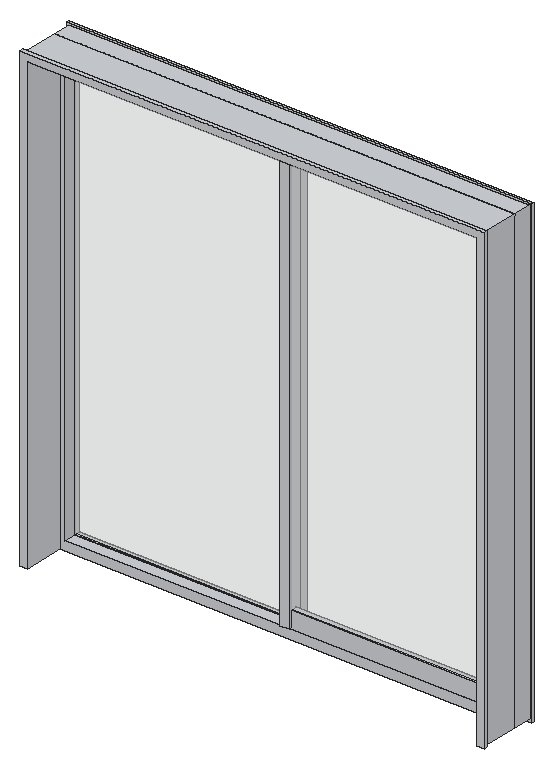
Revit family "APL Residential Thermal Heart Sliding Door SF", category Doors, host Wall, Revit 2017 (continued)
Definition of nested family "APL Residential Thermal Heart Sliding Door SF Vertical Section"
  Definition of nested family "Head Two Panel"
    Definition of nested family "65400_Frame Head"
      Lines and regions (mm)
        detail lines, in view "Ref. Level", not visible
          curve 640: line (107.514, -39.45, 0) -> (101.764, -39.45, 0)
          curve 641: line (107.514, -38.61, 0) -> (101.764, -38.61, 0)
          curve 642: line (107.514, -37.69, 0) -> (101.764, -37.69, 0)
          curve 643: line (107.514, -36.85, 0) -> (101.764, -36.85, 0)
          curve 644: line (106.053, -36.01, 0) -> (101.764, -36.01, 0)
          curve 645: line (107.514, -36.401, 0) -> (101.764, -34.861, 0)
          curve 646: line (107.764, -41.6, 0) -> (107.764, -34.7, 0)
          curve 647: line (107.514, -34.7, 0) -> (107.514, -41.6, 0)
          curve 648: line (107.514, -41.6, 0) -> (108.014, -41.6, 0)
          curve 649: line (108.014, -41.6, 0) -> (108.014, -34.7, 0)
          curve 650: line (108.014, -34.7, 0) -> (107.514, -34.7, 0)
      Text (mm)
        text "65400" at (41.516, 17.579, 0), in view "Ref. Level"
    Definition of nested family "65575_Threshold"
      Reference planes
        plane 1 "Center (Front/Back)": y = 0
        plane 2: z = 0
        plane 3 "Center (Left/Right)": x = 0
      Lines and regions (mm)
        detail lines, in view "Ref. Level"
          curve 1: arc (0.123, 1.385, 0) -> (0.034, 1.312, 0) -> (0, 1.2, 0) r 0.2
          curve 2: arc (0, 0.2, 0) -> (0.059, 0.059, 0) -> (0.2, 0, 0) r 0.2
          curve 3: arc (1.987, -0.473, 0) -> (2.044, -0.588, 0) -> (2.019, -0.715, 0) r 0.2
          curve 4: arc (1.788, -1.112, 0) -> (1.916, -1.591, 0) -> (2.394, -1.463, 0) r 0.35
          curve 5: arc (2.779, -0.797, 0) -> (2.842, -0.484, 0) -> (2.701, -0.197, 0) r 0.497
          curve 6: arc (2.033, 0.47, 0) -> (1.979, 0.65, 0) -> (2.098, 0.796, 0) r 0.2
          curve 7: arc (41.094, 16.949, 0) -> (41.282, 16.93, 0) -> (41.37, 16.764, 0) r 0.2
          curve 8: arc (41.37, 12.481, 0) -> (41.586, 11.578, 0) -> (42.188, 10.869, 0) r 2
          curve 9: arc (42.188, 10.869, 0) -> (43.515, 8.691, 0) -> (42.924, 6.21, 0) r 3.35
          curve 10: arc (42.924, 6.21, 0) -> (43.038, 5.512, 0) -> (43.736, 5.625, 0) r 0.5
          curve 11: arc (43.736, 5.625, 0) -> (44.503, 8.847, 0) -> (42.779, 11.675, 0) r 4.35
          curve 12: arc (42.779, 11.675, 0) -> (42.478, 12.03, 0) -> (42.37, 12.481, 0) r 1
          curve 13: arc (42.37, 18.585, 0) -> (42.282, 18.751, 0) -> (42.094, 18.77, 0) r 0.2
          curve 14: line (0, 1.2, 0) -> (0, 0.2, 0)
          curve 15: line (0.2, 0, 0) -> (1.431, 0, 0)
          curve 16: line (1.573, -0.059, 0) -> (1.987, -0.473, 0)
          curve 17: line (2.019, -0.715, 0) -> (1.788, -1.112, 0)
          curve 18: line (2.394, -1.463, 0) -> (2.779, -0.797, 0)
          curve 19: line (2.701, -0.197, 0) -> (2.033, 0.47, 0)
          curve 20: line (2.098, 0.796, 0) -> (41.094, 16.949, 0)
          curve 21: line (41.37, 16.764, 0) -> (41.37, 12.481, 0)
          curve 22: line (42.37, 12.481, 0) -> (42.37, 18.585, 0)
          curve 23: line (42.094, 18.77, 0) -> (0.123, 1.385, 0)
      Text (mm)
        text "65575" at (6.848, 22.344, 0), in view "Ref. Level"
  Definition of nested family "Sill Two Panel"
    Reference planes
      plane 1 "Center (Front/Back)": y = 0
      plane 2: z = 0
      plane 3 "Center (Left/Right)": x = 0
    Lines and regions (mm)
      detail lines, in view "Ref. Level"
        curve 1: arc (16.603, 58.8, 0) -> (17.381, 59.122, 0) -> (17.703, 59.9, 0) r 1.1
        curve 2: arc (0.803, 59.899, 0) -> (1.126, 59.122, 0) -> (1.903, 58.8, 0) r 1.1
        curve 3: arc (17.703, 76.7, 0) -> (17.381, 77.478, 0) -> (16.603, 77.8, 0) r 1.1
        curve 4: arc (1.903, 77.8, 0) -> (1.125, 77.477, 0) -> (0.803, 76.699, 0) r 1.1
        curve 5: arc (16.603, 58.799, 0) -> (17.382, 59.121, 0) -> (17.703, 59.9, 0) r 1.1
        curve 6: arc (17.703, 76.702, 0) -> (17.381, 77.479, 0) -> (16.603, 77.802, 0) r 1.1
        curve 7: arc (7.678, 82.796, 0) -> (6.666, 82.818, 0) -> (6.153, 81.945, 0) r 1
        curve 8: arc (6.153, 44.255, 0) -> (6.666, 43.382, 0) -> (7.678, 43.404, 0) r 1
        curve 9: arc (12.353, 81.945, 0) -> (11.841, 82.818, 0) -> (10.828, 82.796, 0) r 1
        curve 10: arc (10.828, 43.404, 0) -> (11.841, 43.382, 0) -> (12.353, 44.255, 0) r 1
        curve 11: arc (7.678, 82.796, 0) -> (9.253, 82.35, 0) -> (10.828, 82.796, 0) r 3
        curve 12: arc (10.828, 43.404, 0) -> (9.253, 43.851, 0) -> (7.678, 43.404, 0) r 3
        curve 13: arc (5.253, 51, 0) -> (5.546, 50.293, 0) -> (6.253, 50, 0) r 1
        curve 14: arc (12.253, 50, 0) -> (12.96, 50.293, 0) -> (13.253, 51, 0) r 1
        curve 15: arc (14.453, 84.69, 0) -> (13.952, 84.595, 0) -> (13.453, 84.49, 0) r 26
        curve 16: arc (5.053, 84.49, 0) -> (4.554, 84.595, 0) -> (4.053, 84.69, 0) r 26
        curve 17: arc (5.053, 85.031, 0) -> (4.554, 85.062, 0) -> (4.053, 85.085, 0) r 26
        curve 18: arc (14.453, 85.085, 0) -> (13.953, 85.062, 0) -> (13.453, 85.031, 0) r 26
        curve 19: line (7.616, 58.464, 0) -> (8.694, 57.549, 0)
        curve 20: arc (8.309, 62.255, 0) -> (6.888, 61.307, 0) -> (6.184, 59.751, 0) r 3.102
        curve 21: line (7.502, 59.859, 0) -> (8.417, 60.937, 0)
        curve 22: line (10.89, 60.137, 0) -> (9.812, 61.052, 0)
        curve 23: arc (10.198, 56.345, 0) -> (11.619, 57.293, 0) -> (12.323, 58.849, 0) r 3.102
        curve 24: line (11.005, 58.741, 0) -> (10.09, 57.663, 0)
        curve 25: circle (9.253, 59.3, 0) r 4.4 normal (0, 0, 1)
        curve 26: arc (9.596, 63.684, 0) -> (8.894, 63.683, 0) -> (8.201, 63.57, 0) r 4.397
        curve 27: arc (8.91, 54.916, 0) -> (9.612, 54.918, 0) -> (10.305, 55.031, 0) r 4.397
        curve 28: line (8.309, 62.255, 0) -> (8.201, 63.57, 0)
        curve 29: line (9.596, 63.684, 0) -> (9.704, 62.37, 0)
        curve 30: line (10.198, 56.345, 0) -> (10.305, 55.031, 0)
        curve 31: line (8.91, 54.916, 0) -> (8.802, 56.231, 0)
        curve 32: arc (2.903, 86.3, 0) -> (2.196, 86.007, 0) -> (1.903, 85.3, 0) r 1
        curve 33: arc (16.603, 85.3, 0) -> (16.31, 86.007, 0) -> (15.603, 86.3, 0) r 1
        curve 34: arc (15.603, 85, 0) -> (15.515, 85.212, 0) -> (15.303, 85.3, 0) r 0.3
        curve 35: arc (3.203, 85.3, 0) -> (2.991, 85.212, 0) -> (2.903, 85, 0) r 0.3
        curve 36: line (17.703, 59.9, 0) -> (17.703, 61.8, 0)
        curve 37: line (0.803, 61.8, 0) -> (0.803, 59.899, 0)
        curve 38: line (17.703, 74.8, 0) -> (17.703, 76.7, 0)
        curve 39: line (0.803, 76.699, 0) -> (0.803, 74.8, 0)
        curve 40: line (17.703, 59.9, 0) -> (17.703, 61.8, 0)
        curve 41: line (0.803, 76.699, 0) -> (0.803, 74.8, 0)
        curve 42: line (6.153, 44.255, 0) -> (6.153, 51.1, 0)
        curve 43: line (6.153, 81.6, 0) -> (6.153, 81.945, 0)
        curve 44: line (12.353, 81.6, 0) -> (12.353, 81.945, 0)
        curve 45: line (12.353, 44.255, 0) -> (12.353, 51.1, 0)
        curve 46: line (0.803, 66.09, 0) -> (0.503, 66.09, 0)
        curve 47: line (0.503, 66.09, 0) -> (0.503, 60.11, 0)
        curve 48: line (0.503, 60.11, 0) -> (0.803, 60.11, 0)
        curve 49: line (3.003, 51.3, 0) -> (3.003, 51.1, 0)
        curve 50: line (3.003, 51.1, 0) -> (3.503, 51.1, 0)
        curve 51: line (3.503, 51.1, 0) -> (15.003, 51.1, 0)
        curve 52: line (15.003, 51.1, 0) -> (15.503, 51.1, 0)
        curve 53: line (15.503, 51.1, 0) -> (15.503, 51.3, 0)
        curve 54: line (15.503, 75.8, 0) -> (15.503, 81.6, 0)
        curve 55: line (15.503, 81.6, 0) -> (15.003, 81.6, 0)
        curve 56: line (15.003, 81.6, 0) -> (15.003, 75.8, 0)
        curve 57: line (3.003, 75.8, 0) -> (3.003, 81.6, 0)
        curve 58: line (15.003, 81.6, 0) -> (3.503, 81.6, 0)
        curve 59: line (3.503, 81.6, 0) -> (3.003, 81.6, 0)
        curve 60: line (3.003, 81.6, 0) -> (3.003, 85.1, 0)
        curve 61: line (3.003, 85.1, 0) -> (4.003, 85.1, 0)
        curve 62: line (4.003, 85.1, 0) -> (4.003, 81.6, 0)
        curve 63: line (14.503, 81.6, 0) -> (14.503, 85.1, 0)
        curve 64: line (14.503, 85.1, 0) -> (15.503, 85.1, 0)
        curve 65: line (15.503, 85.1, 0) -> (15.503, 81.6, 0)
        curve 66: line (14.453, 84.69, 0) -> (14.453, 81.6, 0)
        curve 67: line (4.053, 84.69, 0) -> (4.053, 81.6, 0)
        curve 68: line (5.053, 81.6, 0) -> (5.053, 84.49, 0)
        curve 69: line (5.053, 84.49, 0) -> (5.053, 85.031, 0)
        curve 70: line (13.453, 81.6, 0) -> (13.453, 84.49, 0)
        curve 71: line (13.453, 84.49, 0) -> (13.453, 85.031, 0)
        curve 72: line (4.053, 84.69, 0) -> (4.053, 84.938, 0)
        curve 73: line (14.453, 84.69, 0) -> (14.453, 84.938, 0)
        curve 74: line (8.802, 56.231, 0) -> (8.694, 57.549, 0)
        curve 75: line (8.417, 60.937, 0) -> (8.309, 62.255, 0)
        curve 76: line (9.704, 62.37, 0) -> (9.812, 61.052, 0)
        curve 77: line (10.09, 57.663, 0) -> (10.198, 56.345, 0)
        curve 78: line (1.903, 80.3, 0) -> (1.903, 85.3, 0)
        curve 79: line (2.903, 86.3, 0) -> (15.603, 86.3, 0)
        curve 80: line (16.603, 85.3, 0) -> (16.603, 80.3, 0)
        curve 81: line (16.603, 80.3, 0) -> (15.603, 80.3, 0)
        curve 82: line (15.603, 80.3, 0) -> (15.603, 85, 0)
        curve 83: line (15.303, 85.3, 0) -> (3.203, 85.3, 0)
        curve 84: line (2.903, 85, 0) -> (2.903, 80.3, 0)
        curve 85: line (2.903, 80.3, 0) -> (1.903, 80.3, 0)
        curve 86: line (1.903, 80.3, 0) -> (1.903, 78.3, 0)
        curve 87: line (1.903, 78.3, 0) -> (1.903, 75.8, 0)
        curve 88: line (15.603, 80.3, 0) -> (15.603, 78.3, 0)
        curve 89: line (15.603, 78.3, 0) -> (16.603, 78.3, 0)
        curve 90: line (16.603, 78.3, 0) -> (16.603, 80.3, 0)
        curve 91: line (2.903, 80.3, 0) -> (2.903, 78.3, 0)
        curve 92: line (2.903, 78.3, 0) -> (1.903, 78.3, 0)
        curve 93: line (2.003, 51.3, 0) -> (16.603, 51.3, 0)
        curve 94: line (16.603, 51.3, 0) -> (16.603, 75.8, 0)
        curve 95: line (16.603, 75.8, 0) -> (2.003, 75.8, 0)
        curve 96: line (2.003, 75.8, 0) -> (2.003, 51.3, 0)
        curve 97: line (1.903, 51.3, 0) -> (1.903, 75.8, 0)
        curve 98: line (2.903, 78.3, 0) -> (2.903, 75.8, 0)
        curve 99: line (16.603, 78.3, 0) -> (16.603, 75.8, 0)
        curve 100: line (15.603, 78.3, 0) -> (15.603, 75.8, 0)
        curve 101: line (16.603, 74.8, 0) -> (17.703, 74.8, 0)
        curve 102: line (17.703, 74.8, 0) -> (17.703, 61.8, 0)
        curve 103: line (17.703, 61.8, 0) -> (16.603, 61.8, 0)
        curve 104: line (1.903, 61.8, 0) -> (0.803, 61.8, 0)
        curve 105: line (0.803, 61.8, 0) -> (0.803, 74.8, 0)
        curve 106: line (0.803, 74.8, 0) -> (1.903, 74.8, 0)
        curve 107: line (15.003, 51.3, 0) -> (15.003, 51.1, 0)
        curve 108: line (3.503, 51.1, 0) -> (3.503, 51.3, 0)
        curve 109: line (3.503, 75.8, 0) -> (3.503, 81.6, 0)
        curve 110: line (7.678, 43.404, 0) -> (7.678, 51.1, 0)
        curve 111: line (7.678, 81.6, 0) -> (7.678, 82.796, 0)
        curve 112: line (10.828, 82.796, 0) -> (10.828, 81.6, 0)
        curve 113: line (10.828, 51.1, 0) -> (10.828, 43.404, 0)
        curve 114: line (12.208, 60.245, 0) -> (13.526, 60.353, 0)
        curve 115: line (13.64, 58.957, 0) -> (12.323, 58.849, 0)
        curve 116: line (6.298, 58.356, 0) -> (4.981, 58.248, 0)
        curve 117: line (4.867, 59.643, 0) -> (6.184, 59.751, 0)
        curve 118: line (6.184, 59.751, 0) -> (7.502, 59.859, 0)
        curve 119: line (10.89, 60.137, 0) -> (12.208, 60.245, 0)
        curve 120: line (12.323, 58.849, 0) -> (11.005, 58.741, 0)
        curve 121: line (7.616, 58.464, 0) -> (6.298, 58.356, 0)
        curve 122: arc (6.298, 58.356, 0) -> (7.246, 56.935, 0) -> (8.802, 56.231, 0) r 3.102
        curve 123: arc (12.208, 60.245, 0) -> (11.261, 61.666, 0) -> (9.704, 62.37, 0) r 3.102
      detail lines, in view "Ref. Level", not visible
        curve 124: arc (16.603, 57.797, 0) -> (17.381, 58.12, 0) -> (17.703, 58.897, 0) r 1.1
        curve 125: arc (0.803, 58.896, 0) -> (1.126, 58.119, 0) -> (1.903, 57.797, 0) r 1.1
        curve 126: arc (17.703, 75.697, 0) -> (17.381, 76.475, 0) -> (16.603, 76.797, 0) r 1.1
        curve 127: arc (1.903, 76.797, 0) -> (1.125, 76.475, 0) -> (0.803, 75.696, 0) r 1.1
        curve 128: arc (16.603, 57.796, 0) -> (17.382, 58.119, 0) -> (17.703, 58.897, 0) r 1.1
        curve 129: arc (17.703, 75.699, 0) -> (17.381, 76.477, 0) -> (16.603, 76.799, 0) r 1.1
        curve 130: arc (7.678, 81.793, 0) -> (6.666, 81.816, 0) -> (6.153, 80.942, 0) r 1
        curve 131: arc (6.153, 43.252, 0) -> (6.666, 42.379, 0) -> (7.678, 42.401, 0) r 1
        curve 132: arc (12.353, 80.942, 0) -> (11.841, 81.816, 0) -> (10.828, 81.793, 0) r 1
        curve 133: arc (10.828, 42.401, 0) -> (11.841, 42.379, 0) -> (12.353, 43.252, 0) r 1
        curve 134: arc (7.678, 81.793, 0) -> (9.253, 81.347, 0) -> (10.828, 81.793, 0) r 3
        curve 135: arc (10.828, 42.401, 0) -> (9.253, 42.848, 0) -> (7.678, 42.401, 0) r 3
        curve 136: arc (5.253, 49.997, 0) -> (5.546, 49.29, 0) -> (6.253, 48.997, 0) r 1
        curve 137: arc (12.253, 48.997, 0) -> (12.96, 49.29, 0) -> (13.253, 49.997, 0) r 1
        curve 138: arc (14.453, 83.687, 0) -> (13.952, 83.592, 0) -> (13.453, 83.487, 0) r 26
        curve 139: arc (5.053, 83.487, 0) -> (4.554, 83.592, 0) -> (4.053, 83.687, 0) r 26
        curve 140: arc (5.053, 84.028, 0) -> (4.554, 84.06, 0) -> (4.053, 84.082, 0) r 26
        curve 141: arc (14.453, 84.082, 0) -> (13.953, 84.06, 0) -> (13.453, 84.028, 0) r 26
        curve 142: line (7.616, 57.461, 0) -> (8.694, 56.546, 0)
        curve 143: arc (8.309, 61.253, 0) -> (6.888, 60.305, 0) -> (6.184, 58.748, 0) r 3.102
        curve 144: line (7.502, 58.856, 0) -> (8.417, 59.935, 0)
        curve 145: line (10.89, 59.134, 0) -> (9.812, 60.049, 0)
        curve 146: arc (10.198, 55.342, 0) -> (11.619, 56.29, 0) -> (12.323, 57.847, 0) r 3.102
        curve 147: line (11.005, 57.739, 0) -> (10.09, 56.66, 0)
        curve 148: circle (9.253, 58.297, 0) r 4.4 normal (0, 0, 1)
        curve 149: arc (9.596, 62.681, 0) -> (8.894, 62.68, 0) -> (8.201, 62.567, 0) r 4.397
        curve 150: arc (8.91, 53.914, 0) -> (9.612, 53.915, 0) -> (10.305, 54.028, 0) r 4.397
        curve 151: line (8.309, 61.253, 0) -> (8.201, 62.567, 0)
        curve 152: line (9.596, 62.681, 0) -> (9.704, 61.367, 0)
        curve 153: line (10.198, 55.342, 0) -> (10.305, 54.028, 0)
        curve 154: line (8.91, 53.914, 0) -> (8.802, 55.228, 0)
        curve 155: arc (2.903, 85.297, 0) -> (2.196, 85.004, 0) -> (1.903, 84.297, 0) r 1
        curve 156: arc (16.603, 84.297, 0) -> (16.31, 85.004, 0) -> (15.603, 85.297, 0) r 1
        curve 157: arc (15.603, 83.997, 0) -> (15.515, 84.209, 0) -> (15.303, 84.297, 0) r 0.3
        curve 158: arc (3.203, 84.297, 0) -> (2.991, 84.209, 0) -> (2.903, 83.997, 0) r 0.3
        curve 159: line (17.703, 58.897, 0) -> (17.703, 60.797, 0)
        curve 160: line (0.803, 60.797, 0) -> (0.803, 58.896, 0)
        curve 161: line (17.703, 73.797, 0) -> (17.703, 75.697, 0)
        curve 162: line (0.803, 75.696, 0) -> (0.803, 73.797, 0)
        curve 163: line (17.703, 58.897, 0) -> (17.703, 60.797, 0)
        curve 164: line (0.803, 75.696, 0) -> (0.803, 73.797, 0)
        curve 165: line (6.153, 43.252, 0) -> (6.153, 50.097, 0)
        curve 166: line (6.153, 80.597, 0) -> (6.153, 80.942, 0)
        curve 167: line (12.353, 80.597, 0) -> (12.353, 80.942, 0)
        curve 168: line (12.353, 43.252, 0) -> (12.353, 50.097, 0)
        curve 169: line (0.803, 65.087, 0) -> (0.503, 65.087, 0)
        curve 170: line (0.503, 65.087, 0) -> (0.503, 59.107, 0)
        curve 171: line (0.503, 59.107, 0) -> (0.803, 59.107, 0)
        curve 172: line (3.003, 50.297, 0) -> (3.003, 50.097, 0)
        curve 173: line (3.003, 50.097, 0) -> (3.503, 50.097, 0)
        curve 174: line (3.503, 50.097, 0) -> (15.003, 50.097, 0)
        curve 175: line (15.003, 50.097, 0) -> (15.503, 50.097, 0)
        curve 176: line (15.503, 50.097, 0) -> (15.503, 50.297, 0)
        curve 177: line (15.503, 74.797, 0) -> (15.503, 80.597, 0)
        curve 178: line (15.503, 80.597, 0) -> (15.003, 80.597, 0)
        curve 179: line (15.003, 80.597, 0) -> (15.003, 74.797, 0)
        curve 180: line (3.003, 74.797, 0) -> (3.003, 80.597, 0)
        curve 181: line (15.003, 80.597, 0) -> (3.503, 80.597, 0)
        curve 182: line (3.503, 80.597, 0) -> (3.003, 80.597, 0)
        curve 183: line (3.003, 80.597, 0) -> (3.003, 84.097, 0)
        curve 184: line (3.003, 84.097, 0) -> (4.003, 84.097, 0)
        curve 185: line (4.003, 84.097, 0) -> (4.003, 80.597, 0)
        curve 186: line (14.503, 80.597, 0) -> (14.503, 84.097, 0)
        curve 187: line (14.503, 84.097, 0) -> (15.503, 84.097, 0)
        curve 188: line (15.503, 84.097, 0) -> (15.503, 80.597, 0)
        curve 189: line (14.453, 83.687, 0) -> (14.453, 80.597, 0)
        curve 190: line (4.053, 83.687, 0) -> (4.053, 80.597, 0)
        curve 191: line (5.053, 80.597, 0) -> (5.053, 83.487, 0)
        curve 192: line (5.053, 83.487, 0) -> (5.053, 84.028, 0)
        curve 193: line (13.453, 80.597, 0) -> (13.453, 83.487, 0)
        curve 194: line (13.453, 83.487, 0) -> (13.453, 84.028, 0)
        curve 195: line (4.053, 83.687, 0) -> (4.053, 83.935, 0)
        curve 196: line (14.453, 83.687, 0) -> (14.453, 83.935, 0)
        curve 197: line (8.802, 55.228, 0) -> (8.694, 56.546, 0)
        curve 198: line (8.417, 59.935, 0) -> (8.309, 61.253, 0)
        curve 199: line (9.704, 61.367, 0) -> (9.812, 60.049, 0)
        curve 200: line (10.09, 56.66, 0) -> (10.198, 55.342, 0)
        curve 201: line (1.903, 79.297, 0) -> (1.903, 84.297, 0)
        curve 202: line (2.903, 85.297, 0) -> (15.603, 85.297, 0)
        curve 203: line (16.603, 84.297, 0) -> (16.603, 79.297, 0)
        curve 204: line (16.603, 79.297, 0) -> (15.603, 79.297, 0)
        curve 205: line (15.603, 79.297, 0) -> (15.603, 83.997, 0)
        curve 206: line (15.303, 84.297, 0) -> (3.203, 84.297, 0)
        curve 207: line (2.903, 83.997, 0) -> (2.903, 79.297, 0)
        curve 208: line (2.903, 79.297, 0) -> (1.903, 79.297, 0)
        curve 209: line (1.903, 79.297, 0) -> (1.903, 77.297, 0)
        curve 210: line (1.903, 77.297, 0) -> (1.903, 74.797, 0)
        curve 211: line (15.603, 79.297, 0) -> (15.603, 77.297, 0)
        curve 212: line (15.603, 77.297, 0) -> (16.603, 77.297, 0)
        curve 213: line (16.603, 77.297, 0) -> (16.603, 79.297, 0)
        curve 214: line (2.903, 79.297, 0) -> (2.903, 77.297, 0)
        curve 215: line (2.903, 77.297, 0) -> (1.903, 77.297, 0)
        curve 216: line (2.003, 50.297, 0) -> (16.603, 50.297, 0)
        curve 217: line (16.603, 50.297, 0) -> (16.603, 74.797, 0)
        curve 218: line (16.603, 74.797, 0) -> (2.003, 74.797, 0)
        curve 219: line (2.003, 74.797, 0) -> (2.003, 50.297, 0)
        curve 220: line (1.903, 50.297, 0) -> (1.903, 74.797, 0)
        curve 221: line (2.903, 77.297, 0) -> (2.903, 74.797, 0)
        curve 222: line (16.603, 77.297, 0) -> (16.603, 74.797, 0)
        curve 223: line (15.603, 77.297, 0) -> (15.603, 74.797, 0)
        curve 224: line (16.603, 73.797, 0) -> (17.703, 73.797, 0)
        curve 225: line (17.703, 73.797, 0) -> (17.703, 60.797, 0)
        curve 226: line (17.703, 60.797, 0) -> (16.603, 60.797, 0)
        curve 227: line (1.903, 60.797, 0) -> (0.803, 60.797, 0)
        curve 228: line (0.803, 60.797, 0) -> (0.803, 73.797, 0)
        curve 229: line (0.803, 73.797, 0) -> (1.903, 73.797, 0)
        curve 230: line (15.003, 50.297, 0) -> (15.003, 50.097, 0)
        curve 231: line (3.503, 50.097, 0) -> (3.503, 50.297, 0)
        curve 232: line (3.503, 74.797, 0) -> (3.503, 80.597, 0)
        curve 233: line (7.678, 42.401, 0) -> (7.678, 50.097, 0)
        curve 234: line (7.678, 80.597, 0) -> (7.678, 81.793, 0)
        curve 235: line (10.828, 81.793, 0) -> (10.828, 80.597, 0)
        curve 236: line (10.828, 50.097, 0) -> (10.828, 42.401, 0)
        curve 237: line (12.208, 59.242, 0) -> (13.526, 59.35, 0)
        curve 238: line (13.64, 57.954, 0) -> (12.323, 57.847, 0)
        curve 239: line (6.298, 57.353, 0) -> (4.981, 57.245, 0)
        curve 240: line (4.867, 58.64, 0) -> (6.184, 58.748, 0)
        curve 241: line (6.184, 58.748, 0) -> (7.502, 58.856, 0)
        curve 242: line (10.89, 59.134, 0) -> (12.208, 59.242, 0)
        curve 243: line (12.323, 57.847, 0) -> (11.005, 57.739, 0)
        curve 244: line (7.616, 57.461, 0) -> (6.298, 57.353, 0)
        curve 245: arc (6.298, 57.353, 0) -> (7.246, 55.932, 0) -> (8.802, 55.228, 0) r 3.102
        curve 246: arc (12.208, 59.242, 0) -> (11.261, 60.663, 0) -> (9.704, 61.367, 0) r 3.102
    Dimensions and locks
      nested 1 to nested 3 = 17.8 mm
      nested 3 to nested 4 = 7 mm
    Nested families
      nested 1: "65596_Track" at (9.171, 14.2, 0), type "65596_Track", in view "Ref. Level"
      nested 2: "65575_Threshold" at (-87.029, 24, 0), type "65575_Threshold", in view "Ref. Level"
      nested 3: "65470_Door Sill Rail" at (-13.029, 33.8, 0), type "65470_Door Sill Rail", in view "Ref. Level"
      nested 4: "65380_Frame Sill" at (-87.029, 0, 0), type "65380_Frame Sill", in view "Ref. Level"
    Definition of nested family "65596_Track"
      Reference planes
        plane 1 "Center (Front/Back)": y = 0
        plane 2: z = 0
        plane 3 "Center (Left/Right)": x = 0
      Lines and regions (mm)
        detail lines, in view "Ref. Level"
          curve 1: arc (-1.2, 1.8, 0) -> (-1.059, 1.859, 0) -> (-1, 2, 0) r 0.2
          curve 2: arc (-1, 22.438, 0) -> (-1.623, 23.888, 0) -> (-3.105, 24.435, 0) r 2
          curve 3: arc (-17.186, 23.697, 0) -> (-17.523, 23.542, 0) -> (-17.66, 23.198, 0) r 0.5
          curve 4: arc (-17.66, 18.846, 0) -> (-18.14, 16.435, 0) -> (-19.505, 14.392, 0) r 6.3
          curve 5: arc (-21.85, 12.046, 0) -> (-22.77, 12.046, 0) -> (-22.77, 12.966, 0) r 0.65
          curve 6: arc (-20.424, 15.311, 0) -> (-19.341, 16.933, 0) -> (-18.96, 18.846, 0) r 5
          curve 7: arc (-18.96, 24.932, 0) -> (-18.823, 25.276, 0) -> (-18.486, 25.431, 0) r 0.5
          curve 8: arc (-2.589, 26.264, 0) -> (-2.456, 26.325, 0) -> (-2.399, 26.459, 0) r 0.2
          curve 9: arc (-2.399, 26.459, 0) -> (0, 28.8, 0) -> (2.399, 26.459, 0) r 2.4
          curve 10: arc (2.399, 26.459, 0) -> (2.456, 26.325, 0) -> (2.589, 26.264, 0) r 0.2
          curve 11: arc (6.566, 26.056, 0) -> (6.903, 25.901, 0) -> (7.04, 25.557, 0) r 0.5
          curve 12: arc (7.04, 18.846, 0) -> (7.421, 16.933, 0) -> (8.504, 15.311, 0) r 5
          curve 13: arc (10.85, 12.966, 0) -> (10.85, 12.046, 0) -> (9.93, 12.046, 0) r 0.65
          curve 14: arc (7.585, 14.392, 0) -> (6.22, 16.435, 0) -> (5.74, 18.846, 0) r 6.3
          curve 15: arc (5.74, 23.822, 0) -> (5.603, 24.166, 0) -> (5.266, 24.322, 0) r 0.5
          curve 16: arc (3.105, 24.435, 0) -> (1.623, 23.888, 0) -> (1, 22.438, 0) r 2
          curve 17: arc (1, 2, 0) -> (1.059, 1.859, 0) -> (1.2, 1.8, 0) r 0.2
          curve 18: arc (10.59, 0, 0) -> (10.449, 0.059, 0) -> (10.39, 0.2, 0) r 0.2
          curve 19: arc (10.39, 1.6, 0) -> (10.331, 1.741, 0) -> (10.19, 1.8, 0) r 0.2
          curve 20: arc (-8.81, 1.8, 0) -> (-8.951, 1.741, 0) -> (-9.01, 1.6, 0) r 0.2
          curve 21: arc (-9.01, -1.3, 0) -> (-8.951, -1.441, 0) -> (-8.81, -1.5, 0) r 0.2
          curve 22: arc (-7.41, -1.5, 0) -> (-7.269, -1.441, 0) -> (-7.21, -1.3, 0) r 0.2
          curve 23: arc (-7.21, -0.2, 0) -> (-7.151, -0.059, 0) -> (-7.01, 0, 0) r 0.2
          curve 24: arc (8.715, 0, 0) -> (9.001, -0.089, 0) -> (9.185, -0.325, 0) r 0.5
          curve 25: arc (9.185, -0.325, 0) -> (9.735, -1.032, 0) -> (10.59, -1.3, 0) r 1.5
          curve 26: arc (11.89, -1.3, 0) -> (12.597, -1.007, 0) -> (12.89, -0.3, 0) r 1
          curve 27: arc (12.89, -0.2, 0) -> (12.831, -0.059, 0) -> (12.69, 0, 0) r 0.2
          curve 28: line (1, 6.8, 0) -> (-1, 6.8, 0)
          curve 29: line (-1, 2, 0) -> (-1, 22.438, 0)
          curve 30: line (-3.105, 24.435, 0) -> (-17.186, 23.697, 0)
          curve 31: line (-17.66, 23.198, 0) -> (-17.66, 18.846, 0)
          curve 32: line (-19.505, 14.392, 0) -> (-21.85, 12.046, 0)
          curve 33: line (-22.77, 12.966, 0) -> (-20.424, 15.311, 0)
          curve 34: line (-18.96, 18.846, 0) -> (-18.96, 24.932, 0)
          curve 35: line (-18.486, 25.431, 0) -> (-2.589, 26.264, 0)
          curve 36: line (2.589, 26.264, 0) -> (6.566, 26.056, 0)
          curve 37: line (7.04, 25.557, 0) -> (7.04, 18.846, 0)
          curve 38: line (8.504, 15.311, 0) -> (10.85, 12.966, 0)
          curve 39: line (9.93, 12.046, 0) -> (7.585, 14.392, 0)
          curve 40: line (5.74, 18.846, 0) -> (5.74, 23.822, 0)
          curve 41: line (5.266, 24.322, 0) -> (3.105, 24.435, 0)
          curve 42: line (1, 22.438, 0) -> (1, 2, 0)
          curve 43: line (10.39, 0.2, 0) -> (10.39, 1.6, 0)
          curve 44: line (10.19, 1.8, 0) -> (-8.81, 1.8, 0)
          curve 45: line (-9.01, 1.6, 0) -> (-9.01, -1.3, 0)
          curve 46: line (-8.81, -1.5, 0) -> (-7.41, -1.5, 0)
          curve 47: line (-7.21, -1.3, 0) -> (-7.21, -0.2, 0)
          curve 48: line (-7.01, 0, 0) -> (8.715, 0, 0)
          curve 49: line (10.59, -1.3, 0) -> (11.89, -1.3, 0)
          curve 50: line (12.69, 0, 0) -> (10.59, 0, 0)
      Text (mm)
        text "65596" at (20.379, 15.04, 0), in view "Ref. Level"
    Definition of nested family "65575_Threshold"
      Reference planes
        plane 1 "Center (Front/Back)": y = 0
        plane 2: z = 0
        plane 3 "Center (Left/Right)": x = 0
      Lines and regions (mm)
        detail lines, in view "Ref. Level"
          curve 1: arc (0.123, 1.385, 0) -> (0.034, 1.312, 0) -> (0, 1.2, 0) r 0.2
          curve 2: arc (0, 0.2, 0) -> (0.059, 0.059, 0) -> (0.2, 0, 0) r 0.2
          curve 3: arc (1.987, -0.473, 0) -> (2.044, -0.588, 0) -> (2.019, -0.715, 0) r 0.2
          curve 4: arc (1.788, -1.112, 0) -> (1.916, -1.591, 0) -> (2.394, -1.463, 0) r 0.35
          curve 5: arc (2.779, -0.797, 0) -> (2.842, -0.484, 0) -> (2.701, -0.197, 0) r 0.497
          curve 6: arc (2.033, 0.47, 0) -> (1.979, 0.65, 0) -> (2.098, 0.796, 0) r 0.2
          curve 7: arc (41.094, 16.949, 0) -> (41.282, 16.93, 0) -> (41.37, 16.764, 0) r 0.2
          curve 8: arc (41.37, 12.481, 0) -> (41.586, 11.578, 0) -> (42.188, 10.869, 0) r 2
          curve 9: arc (42.188, 10.869, 0) -> (43.515, 8.691, 0) -> (42.924, 6.21, 0) r 3.35
          curve 10: arc (42.924, 6.21, 0) -> (43.038, 5.512, 0) -> (43.736, 5.625, 0) r 0.5
          curve 11: arc (43.736, 5.625, 0) -> (44.503, 8.847, 0) -> (42.779, 11.675, 0) r 4.35
          curve 12: arc (42.779, 11.675, 0) -> (42.478, 12.03, 0) -> (42.37, 12.481, 0) r 1
          curve 13: arc (42.37, 18.585, 0) -> (42.282, 18.751, 0) -> (42.094, 18.77, 0) r 0.2
          curve 14: line (0, 1.2, 0) -> (0, 0.2, 0)
          curve 15: line (0.2, 0, 0) -> (1.431, 0, 0)
          curve 16: line (1.573, -0.059, 0) -> (1.987, -0.473, 0)
          curve 17: line (2.019, -0.715, 0) -> (1.788, -1.112, 0)
          curve 18: line (2.394, -1.463, 0) -> (2.779, -0.797, 0)
          curve 19: line (2.701, -0.197, 0) -> (2.033, 0.47, 0)
          curve 20: line (2.098, 0.796, 0) -> (41.094, 16.949, 0)
          curve 21: line (41.37, 16.764, 0) -> (41.37, 12.481, 0)
          curve 22: line (42.37, 12.481, 0) -> (42.37, 18.585, 0)
          curve 23: line (42.094, 18.77, 0) -> (0.123, 1.385, 0)
      Text (mm)
        text "65575" at (6.848, 22.344, 0), in view "Ref. Level"
    Definition of nested family "65470_Door Sill Rail"
      Reference planes
        plane 1 "Center (Front/Back)": y = 0
        plane 2: z = 0
        plane 3 "Center (Left/Right)": x = 0
      Lines and regions (mm)
        detail lines, in view "Ref. Level"
          curve 1: arc (2.879, 58.956, 0) -> (2.804, 58.989, 0) -> (2.723, 59, 0) r 0.3
          curve 2: arc (2.202, 59, 0) -> (2.044, 58.922, 0) -> (2.008, 58.75, 0) r 0.2
          curve 3: arc (2.202, 54.747, 0) -> (2.176, 54.625, 0) -> (2.102, 54.524, 0) r 0.3
          curve 4: arc (2.102, 54.524, 0) -> (2.022, 54.193, 0) -> (2.302, 54, 0) r 0.3
          curve 5: arc (4.523, 54.543, 0) -> (4.612, 54.595, 0) -> (4.664, 54.684, 0) r 0.2
          curve 6: arc (4.709, 54.852, 0) -> (4.85, 54.993, 0) -> (5.043, 54.941, 0) r 0.2
          curve 7: arc (5.407, 54.578, 0) -> (5.467, 54.492, 0) -> (5.494, 54.392, 0) r 0.3
          curve 8: arc (5.701, 52.026, 0) -> (5.585, 51.762, 0) -> (5.299, 51.718, 0) r 0.3
          curve 9: arc (3.889, 52.231, 0) -> (3.763, 52.319, 0) -> (3.697, 52.457, 0) r 0.3
          curve 10: arc (3.697, 52.457, 0) -> (3.424, 52.699, 0) -> (3.119, 52.5, 0) r 0.3
          curve 11: arc (2.3, 52.5, 0) -> (1.946, 52.353, 0) -> (1.8, 52, 0) r 0.5
          curve 12: arc (1.8, 46.697, 0) -> (1.86, 46.557, 0) -> (2, 46.5, 0) r 0.2
          curve 13: arc (3, 46.5, 0) -> (3.141, 46.441, 0) -> (3.2, 46.3, 0) r 0.2
          curve 14: arc (3.2, 45.2, 0) -> (3.141, 45.058, 0) -> (3, 45, 0) r 0.2
          curve 15: arc (2, 45, 0) -> (1.86, 44.942, 0) -> (1.8, 44.803, 0) r 0.2
          curve 16: arc (1.8, 30.197, 0) -> (1.86, 30.057, 0) -> (2, 30, 0) r 0.2
          curve 17: arc (3, 30, 0) -> (3.141, 29.941, 0) -> (3.2, 29.8, 0) r 0.2
          curve 18: arc (3.2, 28.7, 0) -> (3.141, 28.558, 0) -> (3, 28.5, 0) r 0.2
          curve 19: arc (2, 28.5, 0) -> (1.86, 28.442, 0) -> (1.8, 28.303, 0) r 0.2
          curve 20: arc (1.8, 0.2, 0) -> (1.741, 0.059, 0) -> (1.6, 0, 0) r 0.2
          curve 21: arc (0.5, 0, 0) -> (0.146, 0.146, 0) -> (0, 0.5, 0) r 0.5
          curve 22: arc (0, 99.8, 0) -> (0.059, 99.942, 0) -> (0.2, 100, 0) r 0.2
          curve 23: arc (3.002, 100, 0) -> (3.143, 99.942, 0) -> (3.202, 99.8, 0) r 0.2
          curve 24: arc (3.202, 98.37, 0) -> (3.143, 98.229, 0) -> (3.002, 98.17, 0) r 0.2
          curve 25: arc (2.402, 98.17, 0) -> (2.261, 98.229, 0) -> (2.202, 98.37, 0) r 0.2
          curve 26: arc (2.202, 98.72, 0) -> (2.143, 98.862, 0) -> (2.002, 98.92, 0) r 0.2
          curve 27: arc (1.402, 98.92, 0) -> (1.261, 98.862, 0) -> (1.202, 98.72, 0) r 0.2
          curve 28: arc (1.202, 95.62, 0) -> (1.261, 95.479, 0) -> (1.402, 95.42, 0) r 0.2
          curve 29: arc (2.002, 95.42, 0) -> (2.143, 95.479, 0) -> (2.202, 95.62, 0) r 0.2
          curve 30: arc (2.202, 95.97, 0) -> (2.261, 96.112, 0) -> (2.402, 96.17, 0) r 0.2
          curve 31: arc (3.002, 96.17, 0) -> (3.143, 96.112, 0) -> (3.202, 95.97, 0) r 0.2
          curve 32: arc (3.202, 92.87, 0) -> (3.143, 92.729, 0) -> (3.002, 92.67, 0) r 0.2
          curve 33: arc (1.6, 92.67, 0) -> (1.459, 92.612, 0) -> (1.4, 92.47, 0) r 0.2
          curve 34: arc (1.644, 81.94, 0) -> (1.956, 81.272, 0) -> (2.642, 81, 0) r 1
          curve 35: arc (3.119, 81, 0) -> (3.424, 80.801, 0) -> (3.697, 81.044, 0) r 0.3
          curve 36: arc (3.697, 81.044, 0) -> (3.763, 81.181, 0) -> (3.889, 81.269, 0) r 0.3
          curve 37: arc (5.299, 81.782, 0) -> (5.585, 81.738, 0) -> (5.701, 81.474, 0) r 0.3
          curve 38: arc (5.494, 79.109, 0) -> (5.467, 79.008, 0) -> (5.407, 78.923, 0) r 0.3
          curve 39: arc (5.043, 78.559, 0) -> (4.85, 78.507, 0) -> (4.709, 78.649, 0) r 0.2
          curve 40: arc (4.664, 78.816, 0) -> (4.612, 78.906, 0) -> (4.523, 78.957, 0) r 0.2
          curve 41: arc (2.302, 79.5, 0) -> (2.022, 79.307, 0) -> (2.102, 78.977, 0) r 0.3
          curve 42: arc (2.102, 78.977, 0) -> (2.176, 78.876, 0) -> (2.202, 78.753, 0) r 0.3
          curve 43: arc (2.008, 74.75, 0) -> (2.044, 74.578, 0) -> (2.202, 74.5, 0) r 0.2
          curve 44: arc (2.722, 74.5, 0) -> (2.804, 74.511, 0) -> (2.879, 74.544, 0) r 0.3
          curve 45: arc (4.133, 75.309, 0) -> (4.13, 75.479, 0) -> (4.236, 75.612, 0) r 0.25
          curve 46: arc (4.322, 75.664, 0) -> (4.574, 75.668, 0) -> (4.702, 75.45, 0) r 0.25
          curve 47: arc (4.702, 73.304, 0) -> (4.676, 73.206, 0) -> (4.606, 73.133, 0) r 0.2
          curve 48: arc (2.298, 71.724, 0) -> (2.228, 71.651, 0) -> (2.202, 71.553, 0) r 0.2
          curve 49: arc (2.202, 61.825, 0) -> (2.228, 61.727, 0) -> (2.298, 61.654, 0) r 0.2
          curve 50: arc (4.606, 60.245, 0) -> (4.676, 60.172, 0) -> (4.702, 60.074, 0) r 0.2
          curve 51: arc (4.702, 58.05, 0) -> (4.575, 57.832, 0) -> (4.322, 57.837, 0) r 0.25
          curve 52: line (4.133, 58.191, 0) -> (2.879, 58.956, 0)
          curve 53: line (2.723, 59, 0) -> (2.202, 59, 0)
          curve 54: line (2.008, 58.75, 0) -> (2.202, 58, 0)
          curve 55: line (2.202, 57.975, 0) -> (2.202, 54.747, 0)
          curve 56: line (2.534, 54.01, 0) -> (4.523, 54.543, 0)
          curve 57: line (4.664, 54.684, 0) -> (4.709, 54.852, 0)
          curve 58: line (5.043, 54.941, 0) -> (5.407, 54.578, 0)
          curve 59: line (5.494, 54.392, 0) -> (5.701, 52.026, 0)
          curve 60: line (5.299, 51.718, 0) -> (3.889, 52.231, 0)
          curve 61: line (3.119, 52.5, 0) -> (2.3, 52.5, 0)
          curve 62: line (1.8, 52, 0) -> (1.8, 46.697, 0)
          curve 63: line (2, 46.5, 0) -> (3, 46.5, 0)
          curve 64: line (3.2, 46.3, 0) -> (3.2, 45.2, 0)
          curve 65: line (3, 45, 0) -> (2, 45, 0)
          curve 66: line (1.8, 44.803, 0) -> (1.8, 30.197, 0)
          curve 67: line (2, 30, 0) -> (3, 30, 0)
          curve 68: line (3.2, 29.8, 0) -> (3.2, 28.7, 0)
          curve 69: line (3, 28.5, 0) -> (2, 28.5, 0)
          curve 70: line (1.8, 28.303, 0) -> (1.8, 0.2, 0)
          curve 71: line (1.6, 0, 0) -> (0.5, 0, 0)
          curve 72: line (0, 0.5, 0) -> (0, 99.8, 0)
          curve 73: line (0.2, 100, 0) -> (3.002, 100, 0)
          curve 74: line (3.202, 99.8, 0) -> (3.202, 98.37, 0)
          curve 75: line (3.002, 98.17, 0) -> (2.402, 98.17, 0)
          curve 76: line (2.202, 98.37, 0) -> (2.202, 98.72, 0)
          curve 77: line (2.002, 98.92, 0) -> (1.402, 98.92, 0)
          curve 78: line (1.202, 98.72, 0) -> (1.202, 95.62, 0)
          curve 79: line (1.402, 95.42, 0) -> (2.002, 95.42, 0)
          curve 80: line (2.202, 95.62, 0) -> (2.202, 95.97, 0)
          curve 81: line (2.402, 96.17, 0) -> (3.002, 96.17, 0)
          curve 82: line (3.202, 95.97, 0) -> (3.202, 92.87, 0)
          curve 83: line (3.002, 92.67, 0) -> (1.6, 92.67, 0)
          curve 84: line (1.4, 92.47, 0) -> (1.4, 86, 0)
          curve 85: line (1.4, 86, 0) -> (1.644, 81.94, 0)
          curve 86: line (2.642, 81, 0) -> (3.119, 81, 0)
          curve 87: line (3.889, 81.269, 0) -> (5.299, 81.782, 0)
          curve 88: line (5.701, 81.474, 0) -> (5.494, 79.109, 0)
          curve 89: line (5.407, 78.923, 0) -> (5.043, 78.559, 0)
          curve 90: line (4.709, 78.649, 0) -> (4.664, 78.816, 0)
          curve 91: line (4.523, 78.957, 0) -> (2.534, 79.49, 0)
          curve 92: line (2.202, 78.753, 0) -> (2.202, 75.526, 0)
          curve 93: line (2.202, 75.5, 0) -> (2.008, 74.75, 0)
          curve 94: line (2.202, 74.5, 0) -> (2.722, 74.5, 0)
          curve 95: line (2.879, 74.544, 0) -> (4.133, 75.309, 0)
          curve 96: line (4.702, 75.45, 0) -> (4.702, 73.304, 0)
          curve 97: line (4.606, 73.133, 0) -> (2.298, 71.724, 0)
          curve 98: line (2.202, 71.553, 0) -> (2.202, 61.825, 0)
          curve 99: line (2.298, 61.654, 0) -> (4.606, 60.245, 0)
          curve 100: line (4.702, 60.074, 0) -> (4.702, 58.05, 0)
          curve 101: arc (4.236, 57.889, 0) -> (4.13, 58.021, 0) -> (4.133, 58.191, 0) r 0.25
          curve 102: arc (31.439, 98.795, 0) -> (31.508, 98.913, 0) -> (31.636, 98.96, 0) r 0.2
          curve 103: arc (32.901, 99.797, 0) -> (32.959, 99.94, 0) -> (33.101, 100, 0) r 0.2
          curve 104: arc (33.8, 100, 0) -> (33.941, 99.942, 0) -> (34, 99.8, 0) r 0.2
          curve 105: arc (34, 0.5, 0) -> (33.854, 0.146, 0) -> (33.5, 0, 0) r 0.5
          curve 106: arc (32.4, 0, 0) -> (32.259, 0.059, 0) -> (32.2, 0.2, 0) r 0.2
          curve 107: arc (32.2, 28.3, 0) -> (32.141, 28.441, 0) -> (32, 28.5, 0) r 0.2
          curve 108: arc (31.6, 28.5, 0) -> (31.459, 28.558, 0) -> (31.4, 28.7, 0) r 0.2
          curve 109: arc (31.4, 29.8, 0) -> (31.459, 29.941, 0) -> (31.6, 30, 0) r 0.2
          curve 110: arc (32, 30, 0) -> (32.141, 30.058, 0) -> (32.2, 30.2, 0) r 0.2
          curve 111: arc (32.2, 44.8, 0) -> (32.141, 44.941, 0) -> (32, 45, 0) r 0.2
          curve 112: arc (30.6, 45, 0) -> (30.459, 45.058, 0) -> (30.4, 45.2, 0) r 0.2
          curve 113: arc (30.4, 46.3, 0) -> (30.459, 46.441, 0) -> (30.6, 46.5, 0) r 0.2
          curve 114: arc (32, 46.5, 0) -> (32.141, 46.558, 0) -> (32.2, 46.7, 0) r 0.2
          curve 115: arc (31.601, 52.133, 0) -> (31.422, 52.398, 0) -> (31.119, 52.5, 0) r 0.5
          curve 116: arc (16.085, 52.5, 0) -> (15.78, 52.699, 0) -> (15.507, 52.457, 0) r 0.3
          curve 117: arc (15.507, 52.457, 0) -> (15.441, 52.319, 0) -> (15.315, 52.231, 0) r 0.3
          curve 118: arc (13.905, 51.718, 0) -> (13.619, 51.762, 0) -> (13.503, 52.026, 0) r 0.3
          curve 119: arc (13.71, 54.392, 0) -> (13.737, 54.492, 0) -> (13.797, 54.578, 0) r 0.3
          curve 120: arc (14.161, 54.941, 0) -> (14.354, 54.993, 0) -> (14.495, 54.852, 0) r 0.2
          curve 121: arc (14.54, 54.684, 0) -> (14.592, 54.595, 0) -> (14.681, 54.543, 0) r 0.2
          curve 122: arc (16.902, 54, 0) -> (17.182, 54.193, 0) -> (17.102, 54.524, 0) r 0.3
          curve 123: arc (17.102, 54.524, 0) -> (17.028, 54.625, 0) -> (17.002, 54.747, 0) r 0.3
          curve 124: arc (17.196, 58.75, 0) -> (17.16, 58.922, 0) -> (17.002, 59, 0) r 0.2
          curve 125: arc (16.482, 59, 0) -> (16.4, 58.989, 0) -> (16.325, 58.956, 0) r 0.3
          curve 126: arc (15.071, 58.191, 0) -> (15.074, 58.021, 0) -> (14.968, 57.889, 0) r 0.25
          curve 127: arc (14.882, 57.837, 0) -> (14.63, 57.832, 0) -> (14.502, 58.05, 0) r 0.25
          curve 128: arc (14.502, 60.196, 0) -> (14.528, 60.294, 0) -> (14.598, 60.367, 0) r 0.2
          curve 129: arc (16.906, 61.776, 0) -> (16.976, 61.849, 0) -> (17.002, 61.947, 0) r 0.2
          curve 130: arc (17.002, 71.553, 0) -> (16.976, 71.651, 0) -> (16.906, 71.724, 0) r 0.2
          curve 131: arc (14.598, 73.133, 0) -> (14.528, 73.206, 0) -> (14.502, 73.304, 0) r 0.2
          curve 132: arc (14.502, 75.45, 0) -> (14.629, 75.668, 0) -> (14.882, 75.664, 0) r 0.25
          curve 133: arc (14.968, 75.612, 0) -> (15.074, 75.479, 0) -> (15.071, 75.309, 0) r 0.25
          curve 134: arc (16.325, 74.544, 0) -> (16.4, 74.512, 0) -> (16.481, 74.5, 0) r 0.3
          curve 135: arc (17.002, 74.5, 0) -> (17.16, 74.578, 0) -> (17.196, 74.75, 0) r 0.2
          curve 136: arc (17.002, 78.753, 0) -> (17.028, 78.876, 0) -> (17.102, 78.977, 0) r 0.3
          curve 137: arc (17.102, 78.977, 0) -> (17.182, 79.307, 0) -> (16.902, 79.5, 0) r 0.3
          curve 138: arc (14.681, 78.957, 0) -> (14.592, 78.906, 0) -> (14.54, 78.816, 0) r 0.2
          curve 139: arc (14.495, 78.649, 0) -> (14.354, 78.507, 0) -> (14.161, 78.559, 0) r 0.2
          curve 140: arc (13.797, 78.923, 0) -> (13.737, 79.008, 0) -> (13.71, 79.109, 0) r 0.3
          curve 141: arc (13.503, 81.474, 0) -> (13.619, 81.738, 0) -> (13.905, 81.782, 0) r 0.3
          curve 142: arc (15.315, 81.269, 0) -> (15.441, 81.181, 0) -> (15.507, 81.044, 0) r 0.3
          curve 143: arc (15.507, 81.044, 0) -> (15.78, 80.801, 0) -> (16.085, 81, 0) r 0.3
          curve 144: arc (31.1, 81, 0) -> (31.414, 81.097, 0) -> (31.601, 81.367, 0) r 0.5
          curve 145: arc (32.601, 96.465, 0) -> (32.523, 96.623, 0) -> (32.349, 96.658, 0) r 0.2
          curve 146: arc (31.453, 96.417, 0) -> (31.279, 96.452, 0) -> (31.201, 96.611, 0) r 0.2
          curve 147: arc (20.155, 74.28, 0) -> (19.65, 74.922, 0) -> (19.29, 75.654, 0) r 3.9
          curve 148: arc (19.29, 75.654, 0) -> (19.067, 75.782, 0) -> (18.902, 75.585, 0) r 0.2
          curve 149: arc (18.902, 57.915, 0) -> (19.067, 57.718, 0) -> (19.29, 57.846, 0) r 0.2
          curve 150: arc (19.29, 57.846, 0) -> (19.65, 58.578, 0) -> (20.155, 59.22, 0) r 3.9
          curve 151: arc (20.155, 59.22, 0) -> (21.428, 59.237, 0) -> (21.445, 57.964, 0) r 0.9
          curve 152: arc (21.445, 57.964, 0) -> (20.85, 56.5, 0) -> (21.445, 55.035, 0) r 2.1
          curve 153: arc (21.445, 55.035, 0) -> (21.57, 54.873, 0) -> (21.656, 54.686, 0) r 0.9
          curve 154: arc (21.656, 54.686, 0) -> (21.753, 54.514, 0) -> (21.91, 54.393, 0) r 0.5
          curve 155: arc (21.91, 54.393, 0) -> (22.95, 54.15, 0) -> (23.99, 54.393, 0) r 2.35
          curve 156: arc (23.99, 54.393, 0) -> (24.147, 54.514, 0) -> (24.244, 54.686, 0) r 0.5
          curve 157: arc (24.244, 54.686, 0) -> (24.33, 54.873, 0) -> (24.455, 55.035, 0) r 0.9
          curve 158: arc (24.455, 55.035, 0) -> (25.05, 56.5, 0) -> (24.455, 57.964, 0) r 2.1
          curve 159: arc (24.455, 57.964, 0) -> (24.472, 59.237, 0) -> (25.745, 59.22, 0) r 0.9
          curve 160: arc (25.745, 59.22, 0) -> (26.799, 57.131, 0) -> (26.468, 54.816, 0) r 3.9
          curve 161: arc (26.468, 54.816, 0) -> (26.496, 54.333, 0) -> (26.919, 54.1, 0) r 0.5
          curve 162: arc (31.08, 54.1, 0) -> (31.402, 54.217, 0) -> (31.572, 54.514, 0) r 0.5
          curve 163: arc (31.572, 78.986, 0) -> (31.402, 79.283, 0) -> (31.08, 79.4, 0) r 0.5
          curve 164: line (31.636, 98.96, 0) -> (32.901, 98.96, 0)
          curve 165: line (32.901, 98.96, 0) -> (32.901, 99.797, 0)
          curve 166: line (33.101, 100, 0) -> (33.8, 100, 0)
          curve 167: line (34, 99.8, 0) -> (34, 0.5, 0)
          curve 168: line (33.5, 0, 0) -> (32.4, 0, 0)
          curve 169: line (32.2, 0.2, 0) -> (32.2, 28.3, 0)
          curve 170: line (32, 28.5, 0) -> (31.6, 28.5, 0)
          curve 171: line (31.4, 28.7, 0) -> (31.4, 29.8, 0)
          curve 172: line (31.6, 30, 0) -> (32, 30, 0)
          curve 173: line (32.2, 30.2, 0) -> (32.2, 44.8, 0)
          curve 174: line (32, 45, 0) -> (30.6, 45, 0)
          curve 175: line (30.4, 45.2, 0) -> (30.4, 46.3, 0)
          curve 176: line (30.6, 46.5, 0) -> (32, 46.5, 0)
          curve 177: line (32.2, 46.7, 0) -> (32.2, 49.89, 0)
          curve 178: line (32.182, 50.022, 0) -> (31.601, 52.133, 0)
          curve 179: line (31.119, 52.5, 0) -> (23.35, 52.5, 0)
          curve 180: line (23.35, 52.5, 0) -> (22.95, 52.9, 0)
          curve 181: line (22.95, 52.9, 0) -> (22.55, 52.5, 0)
          curve 182: line (22.55, 52.5, 0) -> (16.085, 52.5, 0)
          curve 183: line (15.315, 52.231, 0) -> (13.905, 51.718, 0)
          curve 184: line (13.503, 52.026, 0) -> (13.71, 54.392, 0)
          curve 185: line (13.797, 54.578, 0) -> (14.161, 54.941, 0)
          curve 186: line (14.495, 54.852, 0) -> (14.54, 54.684, 0)
          curve 187: line (14.681, 54.543, 0) -> (16.67, 54.01, 0)
          curve 188: line (17.002, 54.747, 0) -> (17.002, 57.975, 0)
          curve 189: line (17.002, 58, 0) -> (17.196, 58.75, 0)
          curve 190: line (17.002, 59, 0) -> (16.482, 59, 0)
          curve 191: line (16.325, 58.956, 0) -> (15.071, 58.191, 0)
          curve 192: line (14.502, 58.05, 0) -> (14.502, 60.196, 0)
          curve 193: line (14.598, 60.367, 0) -> (16.906, 61.776, 0)
          curve 194: line (17.002, 61.947, 0) -> (17.002, 71.553, 0)
          curve 195: line (16.906, 71.724, 0) -> (14.598, 73.133, 0)
          curve 196: line (14.502, 73.304, 0) -> (14.502, 75.45, 0)
          curve 197: line (15.071, 75.309, 0) -> (16.325, 74.544, 0)
          curve 198: line (16.481, 74.5, 0) -> (17.002, 74.5, 0)
          curve 199: line (17.196, 74.75, 0) -> (17.002, 75.5, 0)
          curve 200: line (17.002, 75.526, 0) -> (17.002, 78.753, 0)
          curve 201: line (16.67, 79.49, 0) -> (14.681, 78.957, 0)
          curve 202: line (14.54, 78.816, 0) -> (14.495, 78.649, 0)
          curve 203: line (14.161, 78.559, 0) -> (13.797, 78.923, 0)
          curve 204: line (13.71, 79.109, 0) -> (13.503, 81.474, 0)
          curve 205: line (13.905, 81.782, 0) -> (15.315, 81.269, 0)
          curve 206: line (16.085, 81, 0) -> (31.1, 81, 0)
          curve 207: line (31.601, 81.367, 0) -> (32.583, 84.935, 0)
          curve 208: line (32.601, 85.067, 0) -> (32.601, 96.465, 0)
          curve 209: line (32.349, 96.658, 0) -> (31.453, 96.417, 0)
          curve 210: line (31.201, 96.611, 0) -> (31.201, 97.442, 0)
          curve 211: line (31.201, 97.442, 0) -> (31.439, 98.795, 0)
          curve 212: line (18.902, 75.585, 0) -> (18.902, 57.915, 0)
          curve 213: line (26.919, 54.1, 0) -> (31.08, 54.1, 0)
          curve 214: line (31.572, 54.514, 0) -> (32.193, 58.057, 0)
          curve 215: line (32.2, 58.143, 0) -> (32.2, 75.357, 0)
          curve 216: line (32.193, 75.443, 0) -> (31.572, 78.986, 0)
          curve 217: line (31.08, 79.4, 0) -> (26.919, 79.4, 0)
          curve 218: arc (26.919, 79.4, 0) -> (26.496, 79.167, 0) -> (26.468, 78.684, 0) r 0.5
          curve 219: arc (26.468, 78.684, 0) -> (26.799, 76.369, 0) -> (25.745, 74.28, 0) r 3.9
          curve 220: arc (25.745, 74.28, 0) -> (24.472, 74.263, 0) -> (24.455, 75.536, 0) r 0.9
          curve 221: arc (24.455, 75.536, 0) -> (25.05, 77, 0) -> (24.455, 78.465, 0) r 2.1
          curve 222: arc (24.455, 78.465, 0) -> (24.33, 78.627, 0) -> (24.244, 78.814, 0) r 0.9
          curve 223: arc (24.244, 78.814, 0) -> (24.147, 78.987, 0) -> (23.99, 79.108, 0) r 0.5
          curve 224: arc (23.99, 79.108, 0) -> (22.95, 79.35, 0) -> (21.91, 79.108, 0) r 2.35
          curve 225: arc (21.91, 79.108, 0) -> (21.753, 78.987, 0) -> (21.656, 78.814, 0) r 0.5
          curve 226: arc (21.656, 78.814, 0) -> (21.57, 78.627, 0) -> (21.445, 78.465, 0) r 0.9
          curve 227: arc (21.445, 78.465, 0) -> (20.85, 77, 0) -> (21.445, 75.536, 0) r 2.1
          curve 228: arc (21.445, 75.536, 0) -> (21.428, 74.263, 0) -> (20.155, 74.28, 0) r 0.9
          curve 229: arc (2.202, 58.1, 0) -> (2.319, 58.383, 0) -> (2.602, 58.5, 0) r 0.4
          curve 230: arc (2.895, 58.5, 0) -> (2.998, 58.486, 0) -> (3.095, 58.446, 0) r 0.4
          curve 231: arc (4.623, 57.561, 0) -> (4.913, 57.441, 0) -> (5.224, 57.4, 0) r 1.2
          curve 232: arc (6.147, 57.4, 0) -> (6.72, 57.219, 0) -> (7.086, 56.742, 0) r 1
          curve 233: arc (7.879, 54.563, 0) -> (8.026, 54.372, 0) -> (8.255, 54.3, 0) r 0.4
          curve 234: arc (10.949, 54.3, 0) -> (11.178, 54.372, 0) -> (11.325, 54.563, 0) r 0.4
          curve 235: arc (12.118, 56.742, 0) -> (12.484, 57.219, 0) -> (13.057, 57.4, 0) r 1
          curve 236: arc (13.98, 57.4, 0) -> (14.291, 57.441, 0) -> (14.581, 57.561, 0) r 1.2
          curve 237: arc (16.109, 58.446, 0) -> (16.206, 58.486, 0) -> (16.309, 58.5, 0) r 0.4
          curve 238: arc (16.602, 58.5, 0) -> (16.885, 58.383, 0) -> (17.002, 58.1, 0) r 0.4
          curve 239: arc (17.002, 54.7, 0) -> (16.885, 54.417, 0) -> (16.602, 54.3, 0) r 0.4
          curve 240: arc (16.309, 54.3, 0) -> (16.206, 54.314, 0) -> (16.109, 54.354, 0) r 0.4
          curve 241: arc (14.581, 55.238, 0) -> (14.287, 55.36, 0) -> (13.972, 55.4, 0) r 1.2
          curve 242: arc (13.972, 55.4, 0) -> (13.797, 55.347, 0) -> (13.686, 55.203, 0) r 0.3
          curve 243: arc (12.798, 52.763, 0) -> (12.651, 52.572, 0) -> (12.422, 52.5, 0) r 0.4
          curve 244: arc (6.782, 52.5, 0) -> (6.553, 52.572, 0) -> (6.406, 52.763, 0) r 0.4
          curve 245: arc (5.518, 55.203, 0) -> (5.407, 55.347, 0) -> (5.232, 55.4, 0) r 0.3
          curve 246: arc (5.232, 55.4, 0) -> (4.917, 55.36, 0) -> (4.623, 55.238, 0) r 1.2
          curve 247: arc (3.095, 54.354, 0) -> (2.998, 54.314, 0) -> (2.895, 54.3, 0) r 0.4
          curve 248: arc (2.602, 54.3, 0) -> (2.319, 54.417, 0) -> (2.202, 54.7, 0) r 0.4
          curve 249: line (2.602, 58.5, 0) -> (2.895, 58.5, 0)
          curve 250: line (3.095, 58.446, 0) -> (4.623, 57.561, 0)
          curve 251: line (5.224, 57.4, 0) -> (6.147, 57.4, 0)
          curve 252: line (7.086, 56.742, 0) -> (7.879, 54.563, 0)
          curve 253: line (8.255, 54.3, 0) -> (10.949, 54.3, 0)
          curve 254: line (11.325, 54.563, 0) -> (12.118, 56.742, 0)
          curve 255: line (13.057, 57.4, 0) -> (13.98, 57.4, 0)
          curve 256: line (14.581, 57.561, 0) -> (16.109, 58.446, 0)
          curve 257: line (16.309, 58.5, 0) -> (16.602, 58.5, 0)
          curve 258: line (17.002, 58.1, 0) -> (17.002, 54.7, 0)
          curve 259: line (16.602, 54.3, 0) -> (16.309, 54.3, 0)
          curve 260: line (16.109, 54.354, 0) -> (14.581, 55.238, 0)
          curve 261: line (13.686, 55.203, 0) -> (12.798, 52.763, 0)
          curve 262: line (12.422, 52.5, 0) -> (6.782, 52.5, 0)
          curve 263: line (6.406, 52.763, 0) -> (5.518, 55.203, 0)
          curve 264: line (4.623, 55.238, 0) -> (3.095, 54.354, 0)
          curve 265: line (2.895, 54.3, 0) -> (2.602, 54.3, 0)
          curve 266: line (2.202, 54.7, 0) -> (2.202, 58.1, 0)
          curve 267: arc (2.202, 75.4, 0) -> (2.319, 75.117, 0) -> (2.602, 75, 0) r 0.4
          curve 268: arc (2.895, 75, 0) -> (2.998, 75.014, 0) -> (3.095, 75.054, 0) r 0.4
          curve 269: arc (4.623, 75.939, 0) -> (4.913, 76.059, 0) -> (5.224, 76.1, 0) r 1.2
          curve 270: arc (6.147, 76.1, 0) -> (6.72, 76.281, 0) -> (7.086, 76.758, 0) r 1
          curve 271: arc (7.879, 78.937, 0) -> (8.026, 79.128, 0) -> (8.255, 79.2, 0) r 0.4
          curve 272: arc (10.949, 79.2, 0) -> (11.178, 79.128, 0) -> (11.325, 78.937, 0) r 0.4
          curve 273: arc (12.118, 76.758, 0) -> (12.484, 76.281, 0) -> (13.057, 76.1, 0) r 1
          curve 274: arc (13.98, 76.1, 0) -> (14.291, 76.059, 0) -> (14.581, 75.939, 0) r 1.2
          curve 275: arc (16.109, 75.054, 0) -> (16.206, 75.014, 0) -> (16.309, 75, 0) r 0.4
          curve 276: arc (16.602, 75, 0) -> (16.885, 75.117, 0) -> (17.002, 75.4, 0) r 0.4
          curve 277: arc (17.002, 78.8, 0) -> (16.885, 79.083, 0) -> (16.602, 79.2, 0) r 0.4
          curve 278: arc (16.309, 79.2, 0) -> (16.206, 79.187, 0) -> (16.109, 79.147, 0) r 0.4
          curve 279: arc (14.581, 78.262, 0) -> (14.287, 78.14, 0) -> (13.972, 78.1, 0) r 1.2
          curve 280: arc (13.972, 78.1, 0) -> (13.797, 78.153, 0) -> (13.686, 78.298, 0) r 0.3
          curve 281: arc (12.798, 80.737, 0) -> (12.651, 80.928, 0) -> (12.422, 81, 0) r 0.4
          curve 282: arc (6.782, 81, 0) -> (6.553, 80.928, 0) -> (6.406, 80.737, 0) r 0.4
          curve 283: arc (5.518, 78.298, 0) -> (5.407, 78.153, 0) -> (5.232, 78.1, 0) r 0.3
          curve 284: arc (5.232, 78.1, 0) -> (4.917, 78.14, 0) -> (4.623, 78.262, 0) r 1.2
          curve 285: arc (3.095, 79.147, 0) -> (2.998, 79.187, 0) -> (2.895, 79.2, 0) r 0.4
          curve 286: arc (2.602, 79.2, 0) -> (2.319, 79.083, 0) -> (2.202, 78.8, 0) r 0.4
          curve 287: line (2.602, 75, 0) -> (2.895, 75, 0)
          curve 288: line (3.095, 75.054, 0) -> (4.623, 75.939, 0)
          curve 289: line (5.224, 76.1, 0) -> (6.147, 76.1, 0)
          curve 290: line (7.086, 76.758, 0) -> (7.879, 78.937, 0)
          curve 291: line (8.255, 79.2, 0) -> (10.949, 79.2, 0)
          curve 292: line (11.325, 78.937, 0) -> (12.118, 76.758, 0)
          curve 293: line (13.057, 76.1, 0) -> (13.98, 76.1, 0)
          curve 294: line (14.581, 75.939, 0) -> (16.109, 75.054, 0)
          curve 295: line (16.309, 75, 0) -> (16.602, 75, 0)
          curve 296: line (17.002, 75.4, 0) -> (17.002, 78.8, 0)
          curve 297: line (16.602, 79.2, 0) -> (16.309, 79.2, 0)
          curve 298: line (16.109, 79.147, 0) -> (14.581, 78.262, 0)
          curve 299: line (13.686, 78.298, 0) -> (12.798, 80.737, 0)
          curve 300: line (12.422, 81, 0) -> (6.782, 81, 0)
          curve 301: line (6.406, 80.737, 0) -> (5.518, 78.298, 0)
          curve 302: line (4.623, 78.262, 0) -> (3.095, 79.147, 0)
          curve 303: line (2.895, 79.2, 0) -> (2.602, 79.2, 0)
          curve 304: line (2.202, 78.8, 0) -> (2.202, 75.4, 0)
